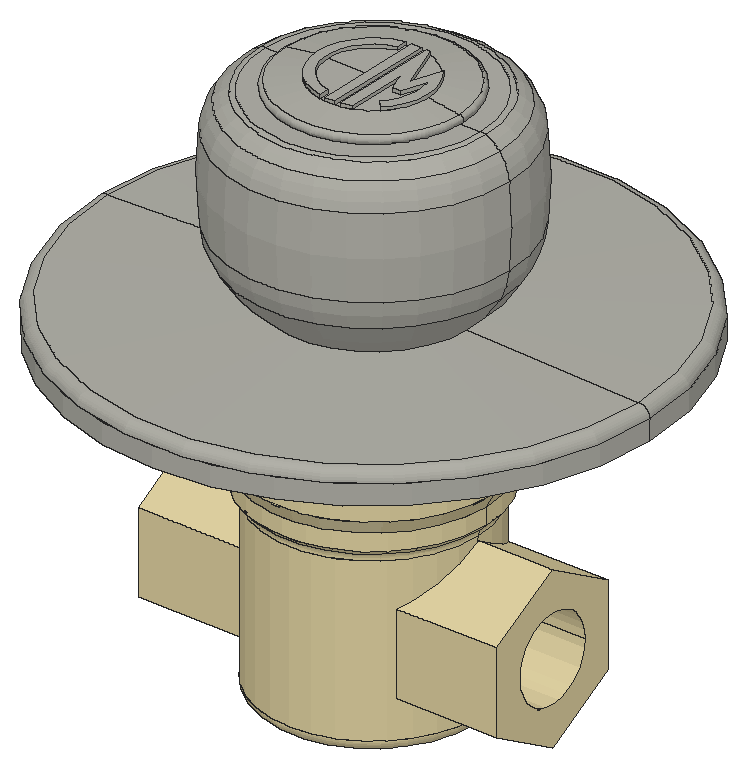
Revit family "QD21120000", category Apparecchi idraulici, Revit 2020
Family settings
  Quota connettore circolare = Usa diametro
  Tipo di parte = Normale
  Numero OmniClass = 23.45.00.00
  Titolo OmniClass = Sanitary, Laundry, and Cleaning Equipment
  Basato su piano di lavoro = No
  Sempre verticale = Sì
  Taglio con vuoti quando caricato = No
  Condiviso = No
  Punto di calcolo locali = No
Parameters
  URL = "https://web.cimberio.it/index.php/figura/92?subcategoria_id=43151"
  Temperatura di esercizio = "-10 ÷ 95°C"
  Prospetto di default = 0 mm
  Produttore = "CIMBERIO SPA"
  Pressione nominale = "PN 16"
  Modello = "Cim 126"
  Materiale = "Prodotto in lega di ottone conforme alla norma EN 12165-CW617N-DW."
  Descrizione = "Impiegato nei più svariati settori dell'impiantistica in condutture anti-ritorno per: reti di distribuzione acqua potabile, impianti di riscaldamento, condizionamento, igienico-sanitari e in generale con ogni fluido non corrosivo."
  DN Model [instance] = QD21121015 : QD21121015
  DN [instance] = 15 mm
  Commenti sul tipo = "Realizzato in ottemperanza ai requisiti gestionali della norma EN ISO 9001.\r\nCollaudato al 100% secondo la normativa EN 12266-1"
Reference planes
  plane 1 "Centro (Fronte/Retro)": y = 0
  plane 2: z = 0
  plane 3 "Centro (Sinistra/Destra)": x = 0
Dimensions and locks
  aligned and locked: level to plane 2
Nested families
  nested 1: "QD21121015" at (0, 0, 0), type <- "DN Model", type "QD21121015"
  nested 2: "QD21121015" at (0, 0, 0), type <- "DN Model", type "QD21121015"
  nested 3: "QD21121015" at (0, 0, 0), type <- "DN Model", type "QD21121015"
  nested 4: "QD21121015" at (0, 0, 0), type <- "DN Model", type "QD21121015"
Connectors
  piping at (32.5, 0, 0), diameter 15, driven by "DN"
    settings: on nested 1, index 1, connector inside diameter 609.6 mm, connector length 0 mm, flow factor 0, pipe flow 0.0 L/s, pressure drop 0.0 Pa, fitting loss kfactor 0, connector angle 0.00°, fixture units 0, engagement length 0 mm, angle of deflection 0.00°, flow configuration 0, flow direction 0, fitting loss method 0, system type 7, joint type 0, gender type 0, connector reference index -1, connector utility 0, adjustable connector no, is connector primary yes, connector description ""
  piping at (-32.5, 0, 0), diameter 15, driven by "DN"
    settings: on nested 1, index 2, connector inside diameter 609.6 mm, connector length 0 mm, flow factor 0, pipe flow 0.0 L/s, pressure drop 0.0 Pa, fitting loss kfactor 0, connector angle 0.00°, fixture units 0, engagement length 0 mm, angle of deflection 0.00°, flow configuration 0, flow direction 0, fitting loss method 0, system type 7, joint type 0, gender type 0, connector reference index -1, connector utility 0, adjustable connector no, is connector primary no, connector description ""
Definition of nested family "QD21121015"
  Parameters (values of type "QD21121015")
    Default Elevation = 0 mm
  Reference planes
    plane 1 "Centro (Fronte/Retro)": y = 0
    plane 2: z = 0
    plane 3 "Centro (Sinistra/Destra)": x = 0
  Forms (mm)
    Revolve 1, solid
      sketch origin (0, 0, 0) x (1, 0, 0) y (0, 0, 1)
        loop
          line (-9.583, 37) -> (-9.583, 30.334)
          arc (-9.583, 30.334) -> (-9.852, 29.65) -> (-10.516, 29.334) r 1.003
          line (-10.516, 29.334) -> (-20, 28.504) -> (-22, 28.5) -> (-22, 23.134) -> (-20.5, 20.536) -> (-20.5, 17.5) -> (-19.586, 16.586)
          arc (-19.586, 16.586) -> (-19.152, 15.937) -> (-19, 15.172) r 2
          line (-19, 15.172) -> (-19, -14.106)
          arc (-19, -14.106) -> (-18.451, -15.483) -> (-17.105, -16.104) r 2
          line (-17.105, -16.104) -> (0, -17) -> (0, 37) -> (-9.583, 37)
        axis (0, 37) -> (0, -17)
      angle from 0 to 360
    Extrusion 2, solid
      sketch origin (0, 0, 0) x (0, 1, 0) y (0, 0, 1)
        loop
          circle (0, 0) r 7.5
        loop
          line (0, 14.5) -> (-12.557, 7.25) -> (-12.557, -7.25) -> (0, -14.5) -> (12.557, -7.25) -> (12.557, 7.25) -> (0, 14.5)
      from -32.5 to -12.695
    Extrusion 3, solid
      sketch origin (0, 0, 0) x (0, 1, 0) y (0, 0, -1)
        loop
          circle (0, 0) r 7.5
        loop
          line (0, -14.5) -> (12.557, -7.25) -> (12.557, 7.25) -> (0, 14.5) -> (-12.557, 7.25) -> (-12.557, -7.25) -> (0, -14.5)
      from -32.5 to -12.695
    Revolve 4, solid
      sketch origin (0, 0, 0) x (1, 0, 0) y (0, 0, 1)
        loop
          line (0, 41.542) -> (-12.123, 41.542) -> (-13, 41.004) -> (-13, 39) -> (-12, 38) -> (-10.583, 38)
          arc (-10.583, 38) -> (-9.876, 37.707) -> (-9.583, 37) r 1
          line (-9.583, 37) -> (0, 37) -> (0, 41.542)
        axis (0, 41.542) -> (0, 37)
      angle from 0 to 360
    Revolve 5, solid
      sketch origin (0, 0, 0) x (1, 0, 0) y (0, 0, 1)
        loop
          line (0, 83.233) -> (-10, 83.233)
          arc (-10, 83.233) -> (-12.835, 82.908) -> (-15.659, 82.501) r 100
          arc (-15.659, 82.501) -> (-16.3, 81.754) -> (-15.667, 81.001) r 0.76
          line (-15.667, 81.001) -> (-19.551, 81)
          arc (-19.551, 81) -> (-20.015, 80.945) -> (-20.454, 80.784) r 2.003
          arc (-20.454, 80.784) -> (-21.76, 79.993) -> (-22.931, 79.011) r 9.979
          arc (-22.931, 79.011) -> (-24.103, 76.975) -> (-24.779, 74.726) r 10.233
          arc (-24.779, 74.726) -> (-25.179, 67.501) -> (-24.783, 60.276) r 65.797
          arc (-24.783, 60.276) -> (-24.246, 57.659) -> (-23.235, 55.187) r 14.417
          arc (-23.235, 55.187) -> (-20.449, 51.306) -> (-17, 48) r 26
          line (-17, 48) -> (-48.058, 47.099)
          arc (-48.058, 47.099) -> (-49.472, 46.513) -> (-50.057, 45.1) r 1.999
          line (-50.057, 45.1) -> (-50.057, 41.542) -> (0, 41.542) -> (0, 83.233)
        axis (0, 83.233) -> (0, 41.542)
      angle from 0 to 360
    Extrusion 6, solid
      sketch origin (0, 0, 0) x (1, 0, 0) y (0, 1, 0)
        loop
          line (-1.9, 7.977) -> (-1.9, 9.818)
          arc (-1.9, 9.818) -> (-10, 0) -> (-1.9, -9.818) r 10
          line (-1.9, -9.818) -> (-1.9, -7.977)
          arc (-1.9, -7.977) -> (-8.2, 0) -> (-1.9, 7.977) r 8.2
        loop
          arc (-0.9, -9.959) -> (0, -10) -> (0.9, -9.959) r 10
          line (0.9, -9.959) -> (0.9, 9.959)
          arc (0.9, 9.959) -> (0, 10) -> (-0.9, 9.959) r 10
          line (-0.9, 9.959) -> (-0.9, -9.959)
        loop
          arc (7.071, -7.071) -> (9.995, -0.325) -> (7.516, 6.597) r 10
          line (7.516, 6.597) -> (5.631, 1.42) -> (2.678, 9.535)
          arc (2.678, 9.535) -> (2.307, 9.726) -> (1.9, 9.818) r 1.635
          line (1.9, 9.818) -> (1.9, -9.818)
          arc (1.9, -9.818) -> (2.812, -9.596) -> (3.7, -9.29) r 10
          line (3.7, -9.29) -> (3.7, 1.464) -> (4.881, -1.782) -> (6.381, -1.782) -> (7.869, 2.305)
          arc (7.869, 2.305) -> (7.945, -2.03) -> (5.798, -5.798) r 8.2
          line (5.798, -5.798) -> (7.071, -7.071)
      from 83.233 to 83.81
  Dimensions and locks
    aligned and locked: level to plane 2
